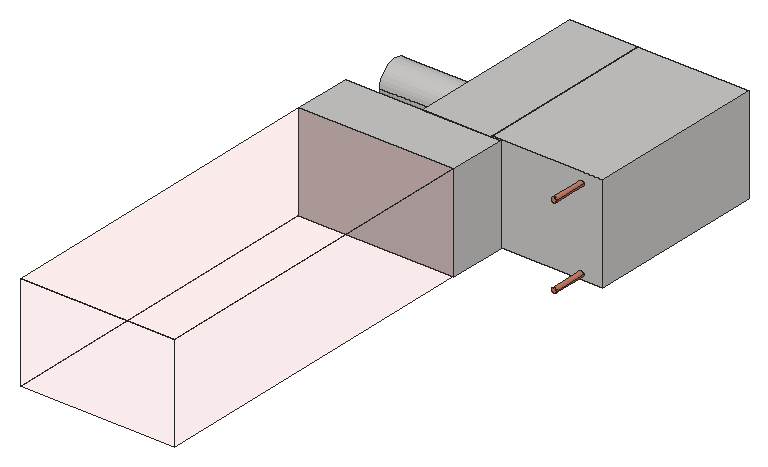
Revit family (continued)
Definition of nested family "VAV_Terminal-JCI-Electrical_Control_Enclosure"
  Lines and regions (in)
    model lines, style "Electrical Box", visible <- "Right Hand", detail levels coarse+medium
      curve 5: line (-8, -8, 0) -> (8, -8, 0)
      curve 6: line (-8, -14, 0) -> (-8, -8, 0)
      curve 7: line (8, -14, 0) -> (-8, -14, 0)
      curve 8: line (8, -8, 0) -> (8, -14, 0)
      curve 9: line (-8, -14, 0) -> (-8, -14, 10)
      curve 10: line (8, -14, 0) -> (8, -14, 10)
      curve 11: line (-8, -8, 0) -> (-8, -8, 10)
      curve 12: line (8, -8, 0) -> (8, -8, 10)
    model lines, style "Electrical Box", visible <- "Left Hand", detail levels coarse+medium
      curve 13: line (-8, 8, 10) -> (8, 8, 10)
      curve 14: line (-8, 14, 10) -> (-8, 8, 10)
      curve 15: line (8, 14, 10) -> (-8, 14, 10)
      curve 16: line (8, 8, 10) -> (8, 14, 10)
      curve 17: line (-8, 8, 0) -> (8, 8, 0)
      curve 18: line (-8, 14, 0) -> (-8, 8, 0)
      curve 19: line (8, 14, 0) -> (-8, 14, 0)
      curve 20: line (8, 8, 0) -> (8, 14, 0)
      curve 21: line (-8, 14, 0) -> (-8, 14, 10)
      curve 22: line (8, 14, 0) -> (8, 14, 10)
      curve 23: line (-8, 8, 0) -> (-8, 8, 10)
      curve 24: line (8, 8, 0) -> (8, 8, 10)
  Dimensions and locks (in)
    equal spacing: plane 6 "Left", plane 3 "Center (Left/Right)", plane 7 "Right"
    "Length": plane 6 "Left" to plane 7 "Right"
    "Height": plane 8 "Top" to plane 2 "Bottom"
    equal spacing: plane 8 "Top", plane 9 "Center (Elevation)", plane 2 "Bottom"
    equal spacing: plane 10 "Unit Back", plane 1 "Center (Front/Back)", plane 4 "Unit Front"
    "Unit Width": plane 10 "Unit Back" to plane 4 "Unit Front"
    "Width": plane 10 "Unit Back" to plane 11 "Back"
    "Width": plane 4 "Unit Front" to plane 5 "Front"
    locked: plane 6 "Left" to plane 12 "Hole Back" at 3.5
    equal spacing: plane 5 "Front", plane 14 "Right Hole", plane 4 "Unit Front"
    equal spacing: plane 10 "Unit Back", plane 13 "Left Hole", plane 11 "Back"
    "CTRL Hole Length": Revolve 3 sketch curve to Revolve 3 sketch curve
    "Hole Radius": Revolve 3 sketch curve to Revolve 3 sketch curve
    locked: Revolve 3 sketch curve to Revolve 3 sketch curve at 1
    "CTRL Hole Length 2": Revolve 4 sketch curve to Revolve 4 sketch curve
    "Hole Radius": Revolve 4 sketch curve to Revolve 4 sketch curve
    locked: Revolve 4 sketch curve to Revolve 4 sketch curve at 1
    "CTRL Hole Angle": angle Revolve 3 sketch curve to plane 14 "Right Hole"
    locked: Revolve 3 sketch curve to Revolve 3 sketch curve (angle 90.00°)  (x3)
    locked: Revolve 4 sketch curve to Revolve 4 sketch curve (angle 90.00°)  (x3)
    "CTRL Hole Angle 2": angle plane 13 "Left Hole" to Revolve 4 sketch curve
    aligned and locked: Extrusion 1 sketch curve to plane 6 "Left"
    aligned and locked: Extrusion 1 sketch curve to plane 5 "Front"
    aligned and locked: Extrusion 1 sketch curve to plane 7 "Right"
    aligned and locked: Extrusion 1 sketch curve to plane 4 "Unit Front"
    aligned and locked: Extrusion 1 to plane 2 "Bottom"
    aligned and locked: plane 8 "Top" to Extrusion 1
    aligned and locked: Masking region 1 sketch curve to plane 8 "Top"
    aligned and locked: plane 2 "Bottom" to Masking region 1 sketch curve
    aligned and locked: Masking region 1 sketch curve to plane 4 "Unit Front"
    aligned and locked: Masking region 1 sketch curve to plane 5 "Front"
    aligned and locked: plane 2 "Bottom" to Masking region 2 sketch curve
    aligned and locked: Masking region 2 sketch curve to plane 8 "Top"
    aligned and locked: Masking region 2 sketch curve to plane 7 "Right"
    aligned and locked: Masking region 2 sketch curve to plane 6 "Left"
    aligned and locked: Masking region 3 sketch curve to plane 4 "Unit Front"
    aligned and locked: Masking region 3 sketch curve to plane 5 "Front"
    aligned and locked: Masking region 3 sketch curve to plane 7 "Right"
    aligned and locked: Masking region 3 sketch curve to plane 6 "Left"
    aligned and locked: curve 2 to plane 6 "Left"
    aligned and locked: curve 6 to plane 6 "Left"
    aligned and locked: curve 4 to plane 7 "Right"
    aligned and locked: curve 8 to plane 7 "Right"
    aligned and locked: curve 3 to plane 5 "Front"
    aligned and locked: curve 7 to plane 5 "Front"
    aligned and locked: curve 1 to plane 4 "Unit Front"
    aligned and locked: curve 5 to plane 4 "Unit Front"
    aligned and locked: plane 8 "Top" to curve 12
    aligned and locked: plane 8 "Top" to curve 10
    aligned and locked: plane 8 "Top" to curve 9
    aligned and locked: plane 8 "Top" to curve 11
    aligned and locked: plane 2 "Bottom" to curve 12
    aligned and locked: plane 2 "Bottom" to curve 10
    aligned and locked: plane 2 "Bottom" to curve 9
    aligned and locked: plane 2 "Bottom" to curve 11
    aligned and locked: plane 7 "Right" to curve 10
    aligned and locked: plane 7 "Right" to curve 12
    aligned and locked: curve 9 to plane 6 "Left"
    aligned and locked: curve 11 to plane 6 "Left"
    aligned and locked: plane 11 "Back" to Extrusion 2 sketch curve
    aligned and locked: plane 10 "Unit Back" to Extrusion 2 sketch curve
    aligned and locked: Masking region 4 sketch curve to plane 10 "Unit Back"
    aligned and locked: Masking region 4 sketch curve to plane 11 "Back"
    aligned and locked: plane 6 "Left" to Masking region 4 sketch curve
    aligned and locked: plane 7 "Right" to Masking region 4 sketch curve
    aligned and locked: plane 6 "Left" to Extrusion 2 sketch curve
    aligned and locked: plane 7 "Right" to Extrusion 2 sketch curve
    aligned and locked: plane 11 "Back" to curve 15
    aligned and locked: plane 11 "Back" to curve 19
    aligned and locked: plane 6 "Left" to curve 14
    aligned and locked: plane 6 "Left" to curve 18
    aligned and locked: plane 7 "Right" to curve 16
    aligned and locked: plane 7 "Right" to curve 20
    aligned and locked: plane 10 "Unit Back" to curve 13
    aligned and locked: plane 10 "Unit Back" to curve 17
    aligned and locked: Masking region 5 sketch curve to plane 8 "Top"
    aligned and locked: plane 2 "Bottom" to Masking region 5 sketch curve
    aligned and locked: Masking region 5 sketch curve to plane 7 "Right"
    aligned and locked: Masking region 5 sketch curve to plane 6 "Left"
    aligned and locked: plane 2 "Bottom" to Masking region 6 sketch curve
    aligned and locked: Masking region 6 sketch curve to plane 11 "Back"
    aligned and locked: Masking region 6 sketch curve to plane 10 "Unit Back"
    aligned and locked: Masking region 6 sketch curve to plane 8 "Top"
    aligned and locked: Extrusion 2 to plane 2 "Bottom"
    aligned and locked: plane 8 "Top" to Extrusion 2
    aligned and locked: plane 8 "Top" to curve 21
    aligned and locked: plane 8 "Top" to curve 23
    aligned and locked: plane 8 "Top" to curve 24
    aligned and locked: plane 8 "Top" to curve 22
    aligned and locked: plane 2 "Bottom" to curve 22
    aligned and locked: plane 2 "Bottom" to curve 24
    aligned and locked: plane 2 "Bottom" to curve 23
    aligned and locked: plane 2 "Bottom" to curve 21
    aligned and locked: curve 23 to plane 6 "Left"
    aligned and locked: curve 21 to plane 6 "Left"
    aligned and locked: plane 7 "Right" to curve 24
    aligned and locked: plane 7 "Right" to curve 22
    aligned and locked: plane 12 "Hole Back" to Revolve 3 sketch curve
    aligned and locked: plane 14 "Right Hole" to Revolve 3 sketch curve
    aligned and locked: Revolve 3 sketch curve to Revolve 3 sketch curve  (x2)
    aligned and locked: plane 12 "Hole Back" to Revolve 4 sketch curve
    aligned and locked: plane 13 "Left Hole" to Revolve 4 sketch curve
    aligned and locked: Revolve 4 sketch curve to Revolve 4 sketch curve  (x2)
Definition of nested family "VAV_Terminal-JCI-Access_Door-7-Round"
  Parameters
    Frame Material = none
  Reference planes (in)
    plane 1 "Center (Front/Back)": y = 0
    plane 2 "Bottom": z = 0
    plane 3 "Center (Left/Right)": x = 0
    plane 4 "Left": x = -3.5
    plane 5 "Right": x = 3.5
    plane 6 "Back": y = 3.5
    plane 7 "Front": y = -3.5
    plane 8 "Top": z = 1.5
  Forms (in)
    Revolve 1, solid, material <- "Frame Material", detail levels fine
      sketch origin (0, 0, 0) x (1, 0, 0) y (0, 0, 1)
        loop
          line (-3.5, 1.5) -> (-3.5, 0) -> (0, 0) -> (0, 1.5) -> (-3.5, 1.5)
        axis (0, 0) -> (0, 1.5)
      angle from 0 to 360
  Lines and regions (in)
    Masking region 1, detail levels fine
      outline origin (0, 0, 0) x (1, 0, 0) y (0, 0, 1)
        loop
          line (-3.5, 1.5) -> (-3.5, 0) -> (3.5, 0) -> (3.5, 1.5) -> (-3.5, 1.5)
    Masking region 2, detail levels fine
      outline origin (0, 0, 0) x (0, 1, 0) y (0, 0, 1)
        loop
          line (3.5, 1.5) -> (-3.5, 1.5) -> (-3.5, 0) -> (3.5, 0) -> (3.5, 1.5)
    Masking region 3, detail levels fine
      outline origin (0, 0, 0) x (0, 1, 0) y (0, 0, 1)
        loop
          line (3.5, 1.5) -> (-3.5, 1.5) -> (-3.5, 0) -> (3.5, 0) -> (3.5, 1.5)
  Dimensions and locks (in)
    equal spacing: plane 4 "Left", plane 3 "Center (Left/Right)", plane 5 "Right"
    locked: plane 4 "Left" to plane 5 "Right" at 7
    equal spacing: plane 6 "Back", plane 1 "Center (Front/Back)", plane 7 "Front"
    locked: plane 6 "Back" to plane 7 "Front" at 7
    locked: plane 8 "Top" to plane 2 "Bottom" at 1.5
    aligned and locked: plane 3 "Center (Left/Right)" to Revolve 1 sketch curve
    aligned and locked: plane 8 "Top" to Revolve 1 sketch curve
    aligned and locked: plane 2 "Bottom" to Revolve 1 sketch curve  (x2)
    aligned and locked: Revolve 1 sketch curve to plane 4 "Left"
    aligned and locked: Revolve 1 sketch curve to plane 8 "Top"
    aligned and locked: Revolve 1 sketch curve to plane 3 "Center (Left/Right)"
    aligned and locked: Masking region 1 sketch curve to plane 8 "Top"
    aligned and locked: Masking region 1 sketch curve to plane 5 "Right"
    aligned and locked: plane 2 "Bottom" to Masking region 1 sketch curve
    aligned and locked: Masking region 1 sketch curve to plane 4 "Left"
    aligned and locked: Masking region 2 sketch curve to plane 6 "Back"
    aligned and locked: Masking region 2 sketch curve to plane 8 "Top"
    aligned and locked: Masking region 2 sketch curve to plane 7 "Front"
    aligned and locked: plane 2 "Bottom" to Masking region 2 sketch curve
    aligned and locked: Masking region 3 sketch curve to plane 6 "Back"
    aligned and locked: Masking region 3 sketch curve to plane 8 "Top"
    aligned and locked: Masking region 3 sketch curve to plane 7 "Front"
    aligned and locked: plane 2 "Bottom" to Masking region 3 sketch curve
